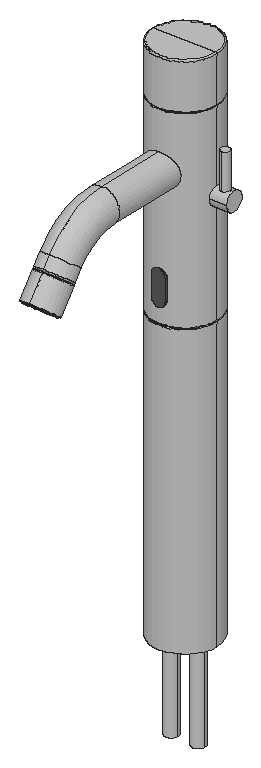
Revit family "Plumbing-Fix_Faucet-Touchless_Stern_Extreme-Mixer-1000-Plus", category Plumbing Fixtures, host Face, Revit 2026
Family settings
  Host = Face
  Round Connector Dimension = Use Diameter
  Part Type = Normal
  Classification Number = 23.45.55.17
  Enable Cutting in Views = No
  Cut with Voids When Loaded = No
  Maintain Annotation Orientation = No
  Shared = No
  Room Calculation Point = No
Parameters (values of type "Default")
  Waste Connection = no
  Warranty Duration (Years) = 2
  WFU = 0
  Vent Connection = no
  Unit Width = 0' - 2"
  Unit Height [instance] = Extension + 0' 6 1/2"  # 1' - 2 3/8"
  URL = "http://www.sternfaucets.com/"
  Type Comments = "as Specified"
  Standards Conformance = "as Specified"
  Spout Reach = 0' - 0"
  Spout Height [instance] = Extension + 0' 2 1/8"  # 0' - 10"
  Specification = ""
  SpecWizard = ""
  Sales Information = "http://www.sternfaucets.com/contact-us/contact-us-int-l.html"
  Revision = "R1_2018-04"
  Product Properties = ""
  Product Features = "Security Shut Off Timer"
  Product Data = "http://www.arcat.com/arcatcos/cos50/arc50092.html"
  Power Supply = "9V Battery"
  Piping_Inlet Diameter = 3/8"
  Piping_Flow = 0 GPM
  Operating Temperature Range = "Up to 149 F / 65 C"
  Operating Pressure Range = "7.26 - 116 PSI  ;  0.5 - 8 bar"
  Model = "Extreme 1000 Plus B"
  Manufacturer Website = "http://www.sternfaucets.com/"
  Manufacturer Phone - Toll Free = "800-436-4410"
  Manufacturer Phone = ""
  Manufacturer Fax = ""
  Manufacturer Address = "777 Passaic Ave.  Clifton, NJ 07012"
  Manufacturer = "Stern Engineering"
  Maintenance Schedule (Months) = 0
  Link to Type Catalog = "https://www.arcat.com/bim/stern_engineering/Plumbing-Fix_Faucet-Touchless_Stern_Extreme-Mixer-1000-Plus.txt"
  Keynote = "22 40 00"
  Installation Phase = ""
  HWFU = 1
  HW Connection = yes
  Green Building-LEED = ""
  Fixture Finish [instance] = Finish - Stern - Chrome
  Extension Option Selection = 1
  Extension Option 5 [instance] = 0' - 6 13/32"  # constant formula
  Extension Option 4 [instance] = 0' - 4 5/16"  # constant formula
  Extension Option 3 [instance] = 0' - 3 15/16"  # constant formula
  Extension Option 2 [instance] = 0' - 1 3/4"  # constant formula
  Extension Option 1_Standard [instance] = 0' - 7 7/8"  # constant formula
  Extension [instance] = if(Extension Option Selection = 1, Extension Option 1_Standard, if(Extension Option Selection = 2, Extension Option 2, if(Extension Option Selection = 3, Extension Option 3, if(Extension Option Selection = 4, Extension Option 4, if(Extension Option Selection = 5, Extension Option 5, Extension Option 1_Standard)))))  # 0' - 7 7/8"
  Expected Lifespan (Years) = 0
  Drawn By = "Sumex Design, Inc. / Robert S. Weygant, CSI, CDT, SCIP"
  Description = "Stern Touchless Deck Mounted Mixing Faucet - Extreme 1000 Plus B as Specified"
  Default Elevation = 0' - 0"
  Cost = 0
  Copyright = "©Arcat Inc."
  Construction Details = ""
  CWFU = 1
  CW Connection = yes
  Body Construction = ""
  Available Options = "as Specified"
  Assembly Code = "D2010300"
  Accent Color [instance] = Finish - Stern - Black
Reference planes (in)
  plane 1 "Center (Front/Back)": y = 0
  plane 2: z = 0
  plane 3 "Center (Left/Right)": x = 0
  plane 4: y = 0.875
  plane 5: z = 10
  plane 6: y = -4.875
  plane 7: z = 7.875
Forms (in)
  Extrusion 1, solid, material "Finish - Stern - Chrome" <- "Fixture Finish"
    sketch origin (0, 0, 0) x (0, 1, 0) y (0, 0, 1)
      loop
        circle (0, 10.9375) r 0.25
    from 0 to 1.33049
  Extrusion 2, solid, material "Finish - Stern - Chrome" <- "Fixture Finish"
    sketch origin (0, -10.60316, 10) x (0, -1, 0) y (1, 0, 0)
      loop
        circle (-10.60316, 1.09192) r 0.125
    from 0.87006 to 2.0993
  Sweep 3, solid, material "Finish - Stern - Chrome" <- "Fixture Finish"
    path origin (0, 0, 0) x (0, 1, 0) y (0, 0, 1)
      loop
        line (-4.875, 10) -> (-4.19912, 10.89693)
        arc (-4.19912, 10.89693) -> (-3.58235, 11.40989) -> (-2.80151, 11.59375) r 1.75
        line (-2.80151, 11.59375) -> (0, 11.59375)
    profile origin (0, -4.53706, 10.44846) x (0, -0.798636, 0.601815) y (1, 0, 0)
      loop
        circle (0, 0) r 0.46875
  Extrusion 4, solid, material "Finish - Stern - Black" <- "Accent Color"
    sketch origin (0, 0, 0) x (1, 0, 0) y (0, 0, 1)
      loop
        line (-0.1875, 9.0625) -> (-0.1875, 8.5)
        arc (-0.1875, 8.5) -> (0, 8.3125) -> (0.1875, 8.5) r 0.1875
        line (0.1875, 8.5) -> (0.1875, 9.0625)
        arc (0.1875, 9.0625) -> (0, 9.25) -> (-0.1875, 9.0625) r 0.1875
    from 0 to 0.89572
  Extrusion 5, solid, material "Finish - Stern - Black" <- "Accent Color"
    sketch origin (0, -4.875, 10) x (0, 0.798636, -0.601815) y (1, 0, 0)
      loop
        circle (0, 0) r 0.42457
    from 0 to 0.02725
  Revolve 6, void
    sketch origin (0, 0, 0) x (0, 1, 0) y (0, 0, 1)
      loop
        arc (-4.81681, 10.85612) -> (-4.7962, 10.86826) -> (-4.77304, 10.86227) r 0.03125
        arc (-4.77304, 10.86227) -> (-4.78518, 10.88288) -> (-4.77919, 10.90603) r 0.03125
        line (-4.77919, 10.90603) -> (-4.81681, 10.85612)
      axis (-4.40483, 10.62393) -> (-4.44245, 10.57402)
    angle from 0 to 360
  Revolve 7, solid, material "Finish - Stern - Chrome" <- "Fixture Finish"
    sketch origin (0, 0, 0) x (1, 0, 0) y (0, 0, 1)
      loop
        line (0, 0) -> (0, 14.375) -> (-0.84375, 14.375)
        arc (-0.84375, 14.375) -> (-0.86585, 14.36585) -> (-0.875, 14.34375) r 0.03125
        line (-0.875, 14.34375) -> (-0.875, 13.125) -> (-0.83834, 13.125) -> (-0.83834, 13.08605) -> (-0.875, 13.08605) -> (-0.875, 7.8971) -> (-0.8529, 7.875) -> (-0.875, 7.8529) -> (-0.875, 0) -> (0, 0)
      axis (0, 14.375) -> (0, 0)
    angle from 0 to 360
  Extrusion 8, void
    sketch origin (0, 0, 0) x (1, 0, 0) y (0, 1, 0)
      loop
        circle (0, 0) r 0.625
    from 0 to -8
  Extrusion 9, solid, material "Finish - Stern - Chrome" <- "Fixture Finish"
    sketch origin (0, 0, 0) x (1, 0, 0) y (0, 1, 0)
      loop
        circle (-0.36553, 0) r 0.17803
      loop
        circle (0.36553, 0) r 0.17803
    from 0 to -2.54465
Cuts and joins
  Revolve 6, Extrusion 8 cuts Sweep 3
  Extrusion 8 cuts Extrusion 1
  Extrusion 8 cuts Extrusion 4
  Extrusion 8 cuts Revolve 7
Dimensions and locks (in)
  locked: plane 6 to plane 4 at 5.75
  locked: Extrusion 1 sketch curve to plane 5 at 0.9375
  plane 5 to Extrusion 4 sketch curve to Extrusion 4 sketch curve = 0' - 0 15/16" locked, 0' - 0 9/16" locked
  Sweep 3 sketch curve to Sweep 3 sketch curve to plane 5 to Sweep 3 sketch curve = 0' - 0.69682" locked, 0' - 0.89693" locked, 0' - 0" locked
  locked: plane 5 to plane 7 at 2.125
  "Extension": plane 7 to host face
  aligned and locked: plane 2 to host face
  aligned and locked: level to host face
Automatic sketch dimensions
  host sketch curve to host sketch curve = 8' - 0"  (x2)
  Extrusion 1 sketch curve to plane 1 "Center (Front/Back)" = 0' - 0"
  plane 1 "Center (Front/Back)" to Extrusion 2 sketch curve = 0' - 0"
  plane 3 "Center (Left/Right)" to Extrusion 2 sketch curve = 0' - 1.09192"
  Sweep 3 sketch curve to plane 6 = 0' - 0"
  Sweep 3 sketch curve to plane 1 "Center (Front/Back)" = 0' - 0"
  plane 6 to Sweep 3 sketch curve = 0' - 0.67588"
  Sweep 3 sketch curve to plane 5 = 0' - 0 5/32"
  Sweep 3 sketch curve to plane 3 "Center (Left/Right)" = 0' - 0"
  Sweep 3 sketch curve to profile plane = 0' - 0"
  Extrusion 4 sketch curve to plane 3 "Center (Left/Right)" = 0' - 0"
  Extrusion 4 sketch curve to Extrusion 4 sketch curve = 0' - 0 3/16"
  plane 6 to Revolve 6 sketch curve = 0' - 0.08315"
  Revolve 6 sketch curve to Revolve 6 sketch curve = 0' - 0.03761"
  plane 5 to Revolve 6 sketch curve = 0' - 0.83731"
  Revolve 6 sketch curve to Revolve 6 sketch curve = 0' - 0.04991"
  Revolve 6 sketch curve to Revolve 6 sketch curve = 0' - 0.02496"  (x2)
  Revolve 6 sketch curve to Revolve 6 sketch curve = 0' - 0"  (x6)
  Revolve 6 sketch curve to plane 6 = 0' - 0.18581"
  Revolve 6 sketch curve to Revolve 6 sketch curve = 0' - 0.01881"  (x2)
  Revolve 6 sketch curve to Revolve 6 sketch curve = 0' - 0.3494"
  Revolve 6 sketch curve to Revolve 6 sketch curve = 0' - 0.28825"
  Revolve 6 sketch curve to plane 5 = 0' - 0.24658"
  Revolve 7 sketch curve to level = 0' - 0"
  Revolve 7 sketch curve to plane 7 = 0' - 0"
  Revolve 7 sketch curve to plane 3 "Center (Left/Right)" = 0' - 0"  (x2)
  Revolve 7 sketch curve to plane 3 "Center (Left/Right)" = 0' - 0.83834"
  Revolve 7 sketch curve to Revolve 7 sketch curve = 0' - 0 27/32"
  Revolve 7 sketch curve to plane 3 "Center (Left/Right)" = 0' - 0.8529"
  Revolve 7 sketch curve to Revolve 7 sketch curve = 0' - 0 1/32"
  Revolve 7 sketch curve to Revolve 7 sketch curve = 0' - 0.03666"
  Revolve 7 sketch curve to Revolve 7 sketch curve = 0' - 0 7/8"
  plane 7 to Revolve 7 sketch curve = 0' - 0.0221"
  plane 5 to Revolve 7 sketch curve = 0' - 3.08605"
  Revolve 7 sketch curve to Revolve 7 sketch curve = 0' - 0.03895"
  Revolve 7 sketch curve to Revolve 7 sketch curve = 0' - 1 7/32"
  Revolve 7 sketch curve to level = 0' - 3"
  Revolve 7 sketch curve to plane 7 = 0' - 0 5/8"
  plane 1 "Center (Front/Back)" to Extrusion 8 sketch curve = 0' - 0"
  Extrusion 8 sketch curve to plane 3 "Center (Left/Right)" = 0' - 0"
  plane 1 "Center (Front/Back)" to Extrusion 9 sketch curve = 0' - 0"  (x2)
  Extrusion 9 sketch curve to plane 3 "Center (Left/Right)" = 0' - 0.36553"
  plane 3 "Center (Left/Right)" to Extrusion 9 sketch curve = 0' - 0.36553"
  radius of Extrusion 1 sketch curve = 0' - 0 1/4"
  radius of Extrusion 2 sketch curve = 0' - 0 1/8"
  radius of Sweep 3 sketch curve = 0' - 0 15/32"
  radius of Extrusion 5 sketch curve to Sweep 3 = 0' - 0.04418"
  radius of Extrusion 8 sketch curve = 0' - 0 5/8"
  radius of Extrusion 9 sketch curve = 0' - 0.17803"  (x2)
Connectors (in)
  piping at (-0.36553, 0, -2.54465), diameter 0.375, driven by "Piping_Flow", driven by "Piping_Inlet Diameter"
    settings: on Extrusion 9, index 2, connector inside diameter 24", connector length 0' - 0", flow factor 0, pipe flow 0 GPM, pressure drop 0.00 psi, fitting loss kfactor 0, connector angle 0.00°, fixture units 0, engagement length 0' - 0", angle of deflection 0.00°, flow configuration 0, flow direction 1, fitting loss method 0, system type 19, joint type 0, gender type 0, connector reference index -1, connector utility 0, adjustable connector no, is connector primary yes, connector description "HW Hose"
  piping at (0.36553, 0, -2.54465), diameter 0.375, driven by "Piping_Flow", driven by "Piping_Inlet Diameter"
    settings: on Extrusion 9, index 3, connector inside diameter 24", connector length 0' - 0", flow factor 0, pipe flow 0 GPM, pressure drop 0.00 psi, fitting loss kfactor 0, connector angle 0.00°, fixture units 0, engagement length 0' - 0", angle of deflection 0.00°, flow configuration 0, flow direction 1, fitting loss method 0, system type 20, joint type 0, gender type 0, connector reference index -1, connector utility 0, adjustable connector no, is connector primary no, connector description "CW Hose"
  electrical at (0, 0, 0.1875)
    settings: on cut or joined group of Revolve 7, Extrusion 8, index 5, voltage 0 V, apparent load 0 VA, apparent load phase1 0 VA, apparent load phase2 0 VA, apparent load phase3 0 VA, power factor 1, load classification "Other", number of poles 1, system type 13, power factor state 1, is connector primary yes, connector utility no, sub classification motor no, connector description ""
